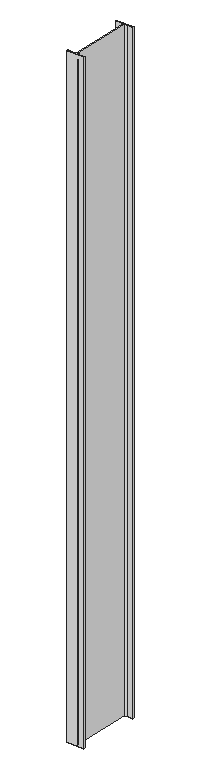
Revit family "CISC M Shapes-Column", category 구조 기둥, Revit 2026
Family settings
  단면 모양 = 정의되지 않음
  모델 동작 재료 = 스틸
  항상 형상으로 내보내기 = 아니오
  평면의 보 전환 = 경계 상자에서
  로드될 때 보이드를 사용하여 절단 = 아니오
  기호 표현 = 프로젝트 설정에서
  공유 = 아니오
  평면도에서 미리 절단된 패밀리 표시 = 예
Parameters (values of type "M250X13.4")
  Assembly Code = ""
  Structural Material [instance] = Metal - Steel - 345 MPa
  A = 0.002 m²
  W = 0.13141
  bf = 68 mm
  d = 250 mm
  k = 11 mm
  kr = k - tf  # 7 mm
  tf = 4 mm
  tw = 5.2 mm
Reference planes
  plane 1: y = 0
  plane 2: z = 0
  plane 3: x = 0
  plane 4: x = -34
  plane 5: x = 34
  plane 6: y = 125
  plane 7: y = -125
  plane 8: x = -3.969
  plane 9: x = 3.969
Forms (mm)
  Extrusion 1, solid, material "Metal - Steel - 345 MPa" <- "Structural Material", detail levels medium
    sketch origin (0, 0, 0) x (1, 0, 0) y (0, 1, 0)
      loop
        line (-34, 125) -> (-34, 121) -> (-2.6, 121) -> (-2.6, -121) -> (-34, -121) -> (-34, -125) -> (34, -125) -> (34, -121) -> (2.6, -121) -> (2.6, 121) -> (34, 121) -> (34, 125) -> (-34, 125)
    from 0 to 2500
  Extrusion 2, solid, material "Metal - Steel - 345 MPa" <- "Structural Material", detail levels fine
    sketch origin (0, 0, 0) x (1, 0, 0) y (0, 1, 0)
      loop
        line (-34, 125) -> (-34, 121) -> (-9.6, 121)
        arc (-9.6, 121) -> (-4.65, 118.95) -> (-2.6, 114) r 7
        line (-2.6, 114) -> (-2.6, -114)
        arc (-2.6, -114) -> (-4.65, -118.95) -> (-9.6, -121) r 7
        line (-9.6, -121) -> (-34, -121) -> (-34, -125) -> (34, -125) -> (34, -121) -> (9.6, -121)
        arc (9.6, -121) -> (4.65, -118.95) -> (2.6, -114) r 7
        line (2.6, -114) -> (2.6, 114)
        arc (2.6, 114) -> (4.65, 118.95) -> (9.6, 121) r 7
        line (9.6, 121) -> (34, 121) -> (34, 125) -> (-34, 125)
    from 0 to 2500
Lines and regions (mm)
  symbolic lines, style "StructuralColumnStickSymbols", detail levels coarse
    curve 1: line (-34, 125, 0) -> (34, 125, 0)
    curve 2: line (-34, -125, 0) -> (34, -125, 0)
    curve 3: line (0, 125, 0) -> (0, -125, 0)
  symbolic lines, style "Hidden Faces", detail levels medium+fine
    curve 4: line (-3.969, 0, 0) -> (-3.969, 0, 2500)
    curve 5: line (3.969, 0, 2500) -> (3.969, 0, 0)
Dimensions and locks
  equal spacing: plane 4, plane 3, plane 5
  equal spacing: plane 7, plane 1, plane 6
  "d": plane 7 to plane 6
  "bf": plane 4 to plane 5
  "tf": plane 7 to Extrusion 1 sketch curve
  "tf": Extrusion 1 sketch curve to plane 6
  equal spacing: Extrusion 1 sketch curve, plane 3, Extrusion 1 sketch curve
  "tw": Extrusion 1 sketch curve to Extrusion 1 sketch curve
  "kr": radius of Extrusion 2 sketch curve  (x4)
  aligned and locked: plane 6 to Extrusion 1 sketch curve
  aligned and locked: Extrusion 1 sketch curve to plane 7
  aligned and locked: Extrusion 1 sketch curve to plane 4  (x2)
  aligned and locked: plane 5 to Extrusion 1 sketch curve  (x2)
  aligned and locked: Extrusion 1 sketch curve to Extrusion 1 sketch curve  (x2)
  aligned and locked: level to Extrusion 1
  aligned and locked: level to plane 2
  aligned and locked: Extrusion 1 to plane 2
  aligned and locked: plane 6 to Extrusion 2 sketch curve
  aligned and locked: plane 5 to Extrusion 2 sketch curve  (x2)
  aligned and locked: Extrusion 2 sketch curve to plane 4  (x2)
  aligned and locked: Extrusion 2 sketch curve to Extrusion 1  (x6)
  aligned and locked: Extrusion 2 sketch curve to plane 7
  aligned and locked: level to Extrusion 2
  aligned and locked: Extrusion 2 to level
Automatic sketch dimensions
  curve 2 to plane 4 = 0 mm
  curve 1 to plane 4 = 0 mm
  curve 3 to plane 3 = 0 mm
  curve 2 to plane 5 = 0 mm
  curve 1 to plane 5 = 0 mm
  curve 3 to plane 7 = 0 mm
  curve 3 to plane 6 = 0 mm
  curve 4 to level = 0 mm  (x2)
  curve 4 to plane 8 = 0 mm
  curve 5 to level = 0 mm  (x2)
  curve 5 to plane 9 = 0 mm
